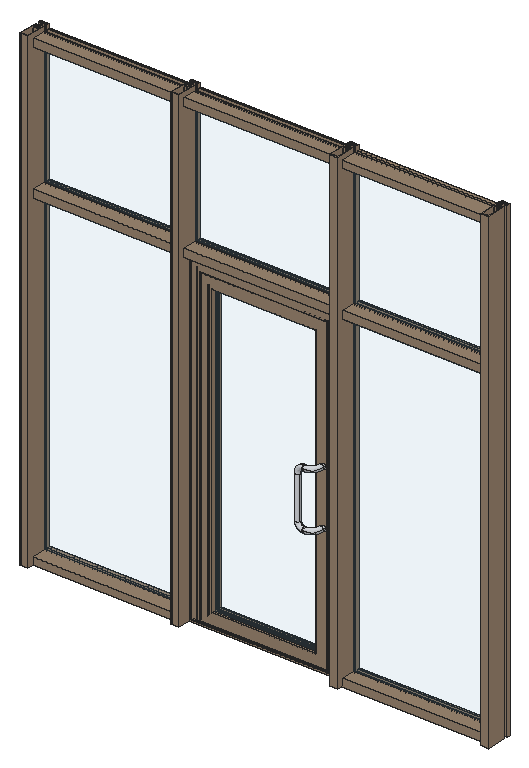
Revit family "3_Витраж с одностворчатой дверью наруж. открывания_F50", category Двери, Revit 2019
Family settings
  Основа = Стена
  Номер OmniClass = 23.30.20.17.11
  Заголовок OmniClass = Fixed Windows
  Всегда вертикально = Да
  При загрузке вырезать с полостями = Нет
  Общий = Нет
  Точка расчета площади = Нет
Parameters (values of type "Стоечно-ригельная F50")
  Ширина прав. = 975.00 mm
  Ширина лев. [instance] = 974.998 mm
  Ширина двери = 1000.00 mm
  Width [instance] = 0.00 mm  # constant formula
  Монтажный зазор.Верх [instance] = 25.00 mm
  Зазор_них_двери = 5.00 mm
  Высота двери = 2100.00 mm
  Высота верхней секции [instance] = 800.00 mm
  VIDNAL_Ширина створки = 1000.00 mm
  VIDNAL_Ширина проема [instance] = 3000.00 mm
  VIDNAL_Цвет конструкции = ""
  VIDNAL_Фурнитура [instance] = ""
  VIDNAL_Формула стеклопакета [instance] = ""
  VIDNAL_Толщина стеклопакета [instance] = "24"  # constant formula
  VIDNAL_Сопротивление ветровой нагрузке = ""
  VIDNAL_Система профилей [instance] = "F50"  # constant formula
  VIDNAL_Площадь изделия [instance] = VIDNAL_Высота проема * VIDNAL_Ширина проема  # 9.00 m²
  VIDNAL_Звукоизоляция [instance] = ""
  VIDNAL_Глубина вставки [instance] = 200.00 mm
  VIDNAL_Высота проема [instance] = 3000.00 mm
  Rough Width = 0.00 mm  # constant formula
  Rough Height = 0.00 mm  # constant formula
  Описание = "Окно"
  Обозначение = "ГОСТ 23747-2015"
  Наименование = ""
  Монтажный зазор.Правый [instance] = 25.00 mm
  Монтажный зазор.Левый [instance] = 25.002 mm
  Марка проема [instance] = ""
  Model = ""
  Стекло = АС_Стекло
  Рама = Алюминий
  Type Comments = ""
  Assembly Code = ""
  Wall Closure = (empty or 0)
  Height [instance] = 0.00 mm  # constant formula
  Аналитическая конструкция = "<Нет>"
  VIDNAL_Возухопроницаемость [instance] = ""
  VIDNAL_Водонепроницаемость [instance] = ""
  VIDNAL_Rприв. профиля со стеклопакетом [instance] = ""
  ADSK_Позиция [instance] = ""
  ADSK_Завод-изготовитель [instance] = "VIDNAL"  # constant formula
Reference planes
  plane 1 "Глубина профиля": y = -152.984
  plane 2 "Отметка 0.000": z = 0
  plane 3 "Слева": x = -1260.6
  plane 4 "Справа": x = 1739.4
  plane 5 "низ рамы": z = 8.998
  plane 6 "ВЕРХ": z = 3000
  plane 7 "Внутренняя": y = -190
  plane 8 "стекло центр": x = -248.6
  plane 9 "стекло центр2": x = 727.4
  plane 10 "рама верх": z = 2089.5
  plane 11: y = 190
  plane 12 "стойка1": x = -1235.598
  plane 13 "стойка2": x = -260.6
  plane 14 "стойка3": x = 739.4
  plane 15 "стойка4": x = 1714.4
  plane 16 "Вставка витража": y = 10
  plane 17 "стекло2": x = -272.6
  plane 18 "верх ригеля": z = 2975
  plane 19 "стекло3": x = -1198.598
  plane 20 "стекло верх": z = 2935.5
  plane 21 "ригель2": z = 2100
  plane 22 "стекло сред": z = 2112
  plane 23 "стекло прав": x = 751.4
  plane 24 "стекло прав2": x = 1676.9
  plane 25 "стекло низ": z = 37.5
  plane 26 "Импост": y = -8
  plane 27 "Вставка рамы_слева": x = -250.1
  plane 28 "Вставка рамы_справа": x = 728.905
Forms (mm)
  Extrusion 1, void, detail levels medium+fine
    sketch origin (0, 38, 0) x (0, 0, 1) y (-1, 0, 0)
      loop
        line (3000, -1739.4) -> (3000, 1260.6) -> (0, 1260.6) -> (0, -1739.4) -> (3000, -1739.4)
    from -152 to 228
  Sweep 2, solid, material "Алюминий" <- "Рама"
    path origin (0, 10, 0) x (0, 0, -1) y (-1, 0, 0)
      loop
        line (0, 1235.598) -> (-3000, 1235.598)
    profile "Стойка_110_F50 : Стойка_110_F50" origin (-1235.598, 10, 1500) x (1, 0, 0) y (0, 1, 0)
      loop
        line (47.802, -65.689) -> (2.202, -65.689) -> (2.202, -159.701) -> (47.802, -159.701) -> (47.802, -65.689)
      loop
        line (27, -22.742) -> (27, -17) -> (23.003, -17) -> (23.003, -22.742) -> (27, -22.742)
      loop
        line (27.002, -33.984) -> (27.002, -24.129) -> (23.002, -24.129) -> (23.002, -33.984) -> (27.002, -33.984)
      loop
        line (27.002, -54.258) -> (27.002, -35.261) -> (23.002, -35.261) -> (23.002, -54.258) -> (27.002, -54.258)
      loop
        line (28.302, -63.458) -> (28.302, -55.984) -> (21.702, -55.984) -> (21.702, -63.458) -> (28.302, -63.458)
      loop
        line (2.15, -12) -> (2.15, -15) -> (11.1, -15) -> (11.1, -12) -> (2.15, -12)
      loop
        line (38.9, -12) -> (38.9, -15) -> (47.85, -15) -> (47.85, -12) -> (38.9, -12)
      loop
        line (36.9, -13) -> (36.9, -10) -> (45.838, -10) -> (45.838, -7) -> (49, -7) -> (49, -1.4) -> (1, -1.4) -> (1, -7) -> (4.181, -7) -> (4.181, -10) -> (13.1, -10) -> (13.1, -13) -> (36.9, -13)
      loop
        line (50, 0) -> (0, 0) -> (0, -17.984) -> (12.999, -17.984) -> (12.999, -16.984) -> (14.683, -16.984) -> (14.683, -15) -> (20, -15) -> (20, -63.484) -> (2.202, -63.484) -> (2.202, -58.984) -> (9.709, -58.984) -> (11.764, -56.825) -> (11.764, -53.006) -> (12.992, -53.006) -> (12.992, -41.959) -> (0.002, -41.959) -> (0.002, -53.006) -> (0.002, -162.984) -> (49.952, -162.984) -> (49.952, -53.065) -> (49.952, -41.967) -> (37.007, -41.967) -> (37.007, -53.065) -> (38.202, -53.065) -> (38.202, -56.832) -> (40.295, -58.984) -> (47.802, -58.984) -> (47.802, -63.458) -> (30, -63.458) -> (30, -15) -> (35.317, -15) -> (35.317, -16.99) -> (37.002, -16.99) -> (37.002, -18) -> (50, -18) -> (50, 0)
  Sweep 3, solid, material "Алюминий" <- "Рама"
    path origin (0, 10, 0) x (0, 0, -1) y (-1, 0, 0)
      loop
        line (0, 260.6) -> (-3000, 260.6)
    profile "Стойка_110_F50 : Стойка_110_F50" origin (-260.6, 10, 1500) x (1, 0, 0) y (0, 1, 0)
      loop
        line (22.802, -65.689) -> (-22.798, -65.689) -> (-22.798, -159.701) -> (22.802, -159.701) -> (22.802, -65.689)
      loop
        line (2, -22.742) -> (2, -17) -> (-1.997, -17) -> (-1.997, -22.742) -> (2, -22.742)
      loop
        line (2.002, -33.984) -> (2.002, -24.129) -> (-1.998, -24.129) -> (-1.998, -33.984) -> (2.002, -33.984)
      loop
        line (2.002, -54.258) -> (2.002, -35.261) -> (-1.998, -35.261) -> (-1.998, -54.258) -> (2.002, -54.258)
      loop
        line (3.302, -63.458) -> (3.302, -55.984) -> (-3.298, -55.984) -> (-3.298, -63.458) -> (3.302, -63.458)
      loop
        line (-22.85, -12) -> (-22.85, -15) -> (-13.9, -15) -> (-13.9, -12) -> (-22.85, -12)
      loop
        line (13.9, -12) -> (13.9, -15) -> (22.85, -15) -> (22.85, -12) -> (13.9, -12)
      loop
        line (11.9, -13) -> (11.9, -10) -> (20.838, -10) -> (20.838, -7) -> (24, -7) -> (24, -1.4) -> (-24, -1.4) -> (-24, -7) -> (-20.819, -7) -> (-20.819, -10) -> (-11.9, -10) -> (-11.9, -13) -> (11.9, -13)
      loop
        line (25, 0) -> (-25, 0) -> (-25, -17.984) -> (-12.001, -17.984) -> (-12.001, -16.984) -> (-10.317, -16.984) -> (-10.317, -15) -> (-5, -15) -> (-5, -63.484) -> (-22.798, -63.484) -> (-22.798, -58.984) -> (-15.291, -58.984) -> (-13.236, -56.825) -> (-13.236, -53.006) -> (-12.008, -53.006) -> (-12.008, -41.959) -> (-24.998, -41.959) -> (-24.998, -53.006) -> (-24.998, -162.984) -> (24.952, -162.984) -> (24.952, -53.065) -> (24.952, -41.967) -> (12.007, -41.967) -> (12.007, -53.065) -> (13.202, -53.065) -> (13.202, -56.832) -> (15.295, -58.984) -> (22.802, -58.984) -> (22.802, -63.458) -> (5, -63.458) -> (5, -15) -> (10.317, -15) -> (10.317, -16.99) -> (12.002, -16.99) -> (12.002, -18) -> (25, -18) -> (25, 0)
  Sweep 4, solid, material "Алюминий" <- "Рама"
    path origin (0, 10, 0) x (0, 0, -1) y (-1, 0, 0)
      loop
        line (-2975, 1185.646) -> (-2975, 285.598)
    profile "Ригель_86_F50 : Ригель_86_F50" origin (-735.622, 10, 2975) x (0, 0, -1) y (0, 1, 0)
      loop
        line (10.999, -40.802) -> (1.81, -40.802) -> (1.81, -48) -> (10.999, -48) -> (10.999, -40.802)
      loop
        line (48.199, -40.802) -> (39.01, -40.802) -> (39.01, -48) -> (48.199, -48) -> (48.199, -40.802)
      loop
        line (48.199, -128.4) -> (48.199, -49.673) -> (1.788, -49.673) -> (1.788, -128.4) -> (48.199, -128.4)
      loop
        line (28.5, -21.077) -> (28.5, -14) -> (21.5, -14) -> (21.5, -21.077) -> (28.5, -21.077)
      loop
        line (28.5, -31.01) -> (28.5, -22.563) -> (21.5, -22.563) -> (21.5, -31.01) -> (28.5, -31.01)
      loop
        line (27, -48) -> (27, -33.139) -> (23.02, -33.139) -> (23.02, -48) -> (27, -48)
      loop
        line (2.15, -9) -> (2.15, -12) -> (11.1, -12) -> (11.1, -9) -> (2.15, -9)
      loop
        line (38.9, -9) -> (38.9, -12) -> (47.85, -12) -> (47.85, -9) -> (38.9, -9)
      loop
        line (36.9, -10) -> (36.9, -7) -> (45.819, -7) -> (45.838, -4) -> (49, -4) -> (49, -1.4) -> (1, -1.4) -> (1, -4) -> (4.181, -4) -> (4.181, -7) -> (13.1, -7) -> (13.1, -10) -> (36.9, -10)
      loop
        line (20, -12) -> (20, -48) -> (12.8, -48) -> (12.8, -39) -> (0.024, -39) -> (0.024, -130) -> (50, -130) -> (50, -39) -> (37.2, -39) -> (37.2, -48) -> (29.9, -48) -> (29.9, -12) -> (35.317, -12) -> (35.317, -13.99) -> (37.002, -13.99) -> (37.002, -15) -> (50, -15) -> (50, 0) -> (0, 0) -> (0, -14.984) -> (12.999, -14.984) -> (12.999, -13.984) -> (14.683, -13.984) -> (14.683, -12) -> (20, -12)
  Sweep 5, solid, material "Алюминий" <- "Рама"
    path origin (0.048, 10, 0) x (0, 0, -1) y (-1, 0, 0)
      loop
        line (0, -1714.4) -> (-3000, -1714.4)
    profile "Стойка_110_F50 : Стойка_110_F50" origin (1714.448, 10, 1500) x (1, 0, 0) y (0, 1, 0)
      loop
        line (-2.198, -65.689) -> (-47.798, -65.689) -> (-47.798, -159.701) -> (-2.198, -159.701) -> (-2.198, -65.689)
      loop
        line (-23, -22.742) -> (-23, -17) -> (-26.997, -17) -> (-26.997, -22.742) -> (-23, -22.742)
      loop
        line (-22.998, -33.984) -> (-22.998, -24.129) -> (-26.998, -24.129) -> (-26.998, -33.984) -> (-22.998, -33.984)
      loop
        line (-22.998, -54.258) -> (-22.998, -35.261) -> (-26.998, -35.261) -> (-26.998, -54.258) -> (-22.998, -54.258)
      loop
        line (-21.698, -63.458) -> (-21.698, -55.984) -> (-28.298, -55.984) -> (-28.298, -63.458) -> (-21.698, -63.458)
      loop
        line (-47.85, -12) -> (-47.85, -15) -> (-38.9, -15) -> (-38.9, -12) -> (-47.85, -12)
      loop
        line (-11.1, -12) -> (-11.1, -15) -> (-2.15, -15) -> (-2.15, -12) -> (-11.1, -12)
      loop
        line (-13.1, -13) -> (-13.1, -10) -> (-4.162, -10) -> (-4.162, -7) -> (-1, -7) -> (-1, -1.4) -> (-49, -1.4) -> (-49, -7) -> (-45.819, -7) -> (-45.819, -10) -> (-36.9, -10) -> (-36.9, -13) -> (-13.1, -13)
      loop
        line (0, 0) -> (-50, 0) -> (-50, -17.984) -> (-37.001, -17.984) -> (-37.001, -16.984) -> (-35.317, -16.984) -> (-35.317, -15) -> (-30, -15) -> (-30, -63.484) -> (-47.798, -63.484) -> (-47.798, -58.984) -> (-40.291, -58.984) -> (-38.236, -56.825) -> (-38.236, -53.006) -> (-37.008, -53.006) -> (-37.008, -41.959) -> (-49.998, -41.959) -> (-49.998, -53.006) -> (-49.998, -162.984) -> (-0.048, -162.984) -> (-0.048, -53.065) -> (-0.048, -41.967) -> (-12.993, -41.967) -> (-12.993, -53.065) -> (-11.798, -53.065) -> (-11.798, -56.832) -> (-9.705, -58.984) -> (-2.198, -58.984) -> (-2.198, -63.458) -> (-20, -63.458) -> (-20, -15) -> (-14.683, -15) -> (-14.683, -16.99) -> (-12.998, -16.99) -> (-12.998, -18) -> (0, -18) -> (0, 0)
  Extrusion 6, solid, material "АС_Стекло"
    sketch origin (0, -8, 0) x (0, 0, 1) y (-1, 0, 0)
      loop
        line (2089.5, 1198.598) -> (35.317, 1198.598) -> (35.317, 272.6) -> (2089.5, 272.6) -> (2089.5, 1198.598)
    from 0 to 24
  Sweep 7, solid, material "Алюминий" <- "Рама"
    path origin (0, 10, 0) x (0, 0, -1) y (-1, 0, 0)
      loop
        line (0, -739.4) -> (-3000, -739.4)
    profile "Стойка_110_F50 : Стойка_110_F50" origin (739.4, 10, 1500) x (1, 0, 0) y (0, 1, 0)
      loop
        line (22.802, -65.689) -> (-22.798, -65.689) -> (-22.798, -159.701) -> (22.802, -159.701) -> (22.802, -65.689)
      loop
        line (2, -22.742) -> (2, -17) -> (-1.997, -17) -> (-1.997, -22.742) -> (2, -22.742)
      loop
        line (2.002, -33.984) -> (2.002, -24.129) -> (-1.998, -24.129) -> (-1.998, -33.984) -> (2.002, -33.984)
      loop
        line (2.002, -54.258) -> (2.002, -35.261) -> (-1.998, -35.261) -> (-1.998, -54.258) -> (2.002, -54.258)
      loop
        line (3.302, -63.458) -> (3.302, -55.984) -> (-3.298, -55.984) -> (-3.298, -63.458) -> (3.302, -63.458)
      loop
        line (-22.85, -12) -> (-22.85, -15) -> (-13.9, -15) -> (-13.9, -12) -> (-22.85, -12)
      loop
        line (13.9, -12) -> (13.9, -15) -> (22.85, -15) -> (22.85, -12) -> (13.9, -12)
      loop
        line (11.9, -13) -> (11.9, -10) -> (20.838, -10) -> (20.838, -7) -> (24, -7) -> (24, -1.4) -> (-24, -1.4) -> (-24, -7) -> (-20.819, -7) -> (-20.819, -10) -> (-11.9, -10) -> (-11.9, -13) -> (11.9, -13)
      loop
        line (25, 0) -> (-25, 0) -> (-25, -17.984) -> (-12.001, -17.984) -> (-12.001, -16.984) -> (-10.317, -16.984) -> (-10.317, -15) -> (-5, -15) -> (-5, -63.484) -> (-22.798, -63.484) -> (-22.798, -58.984) -> (-15.291, -58.984) -> (-13.236, -56.825) -> (-13.236, -53.006) -> (-12.008, -53.006) -> (-12.008, -41.959) -> (-24.998, -41.959) -> (-24.998, -53.006) -> (-24.998, -162.984) -> (24.952, -162.984) -> (24.952, -53.065) -> (24.952, -41.967) -> (12.007, -41.967) -> (12.007, -53.065) -> (13.202, -53.065) -> (13.202, -56.832) -> (15.295, -58.984) -> (22.802, -58.984) -> (22.802, -63.458) -> (5, -63.458) -> (5, -15) -> (10.317, -15) -> (10.317, -16.99) -> (12.002, -16.99) -> (12.002, -18) -> (25, -18) -> (25, 0)
  Sweep 8, solid, material "Алюминий" <- "Рама"
    path origin (0, 10, 0) x (0, 0, -1) y (-1, 0, 0)
      loop
        line (-2975, 235.648) -> (-2975, -714.402)
    profile "Ригель_86_F50 : Ригель_86_F50" origin (239.377, 10, 2975) x (0, 0, -1) y (0, 1, 0)
      loop
        line (10.999, -40.802) -> (1.81, -40.802) -> (1.81, -48) -> (10.999, -48) -> (10.999, -40.802)
      loop
        line (48.199, -40.802) -> (39.01, -40.802) -> (39.01, -48) -> (48.199, -48) -> (48.199, -40.802)
      loop
        line (48.199, -128.4) -> (48.199, -49.673) -> (1.788, -49.673) -> (1.788, -128.4) -> (48.199, -128.4)
      loop
        line (28.5, -21.077) -> (28.5, -14) -> (21.5, -14) -> (21.5, -21.077) -> (28.5, -21.077)
      loop
        line (28.5, -31.01) -> (28.5, -22.563) -> (21.5, -22.563) -> (21.5, -31.01) -> (28.5, -31.01)
      loop
        line (27, -48) -> (27, -33.139) -> (23.02, -33.139) -> (23.02, -48) -> (27, -48)
      loop
        line (2.15, -9) -> (2.15, -12) -> (11.1, -12) -> (11.1, -9) -> (2.15, -9)
      loop
        line (38.9, -9) -> (38.9, -12) -> (47.85, -12) -> (47.85, -9) -> (38.9, -9)
      loop
        line (36.9, -10) -> (36.9, -7) -> (45.819, -7) -> (45.838, -4) -> (49, -4) -> (49, -1.4) -> (1, -1.4) -> (1, -4) -> (4.181, -4) -> (4.181, -7) -> (13.1, -7) -> (13.1, -10) -> (36.9, -10)
      loop
        line (20, -12) -> (20, -48) -> (12.8, -48) -> (12.8, -39) -> (0.024, -39) -> (0.024, -130) -> (50, -130) -> (50, -39) -> (37.2, -39) -> (37.2, -48) -> (29.9, -48) -> (29.9, -12) -> (35.317, -12) -> (35.317, -13.99) -> (37.002, -13.99) -> (37.002, -15) -> (50, -15) -> (50, 0) -> (0, 0) -> (0, -14.984) -> (12.999, -14.984) -> (12.999, -13.984) -> (14.683, -13.984) -> (14.683, -12) -> (20, -12)
  Sweep 9, solid, material "Алюминий" <- "Рама"
    path origin (0, 10, 0) x (0, 0, -1) y (-1, 0, 0)
      loop
        line (-2975, -764.352) -> (-2975, -1664.45)
    profile "Ригель_86_F50 : Ригель_86_F50" origin (1214.401, 10, 2975) x (0, 0, -1) y (0, 1, 0)
      loop
        line (10.999, -40.802) -> (1.81, -40.802) -> (1.81, -48) -> (10.999, -48) -> (10.999, -40.802)
      loop
        line (48.199, -40.802) -> (39.01, -40.802) -> (39.01, -48) -> (48.199, -48) -> (48.199, -40.802)
      loop
        line (48.199, -128.4) -> (48.199, -49.673) -> (1.788, -49.673) -> (1.788, -128.4) -> (48.199, -128.4)
      loop
        line (28.5, -21.077) -> (28.5, -14) -> (21.5, -14) -> (21.5, -21.077) -> (28.5, -21.077)
      loop
        line (28.5, -31.01) -> (28.5, -22.563) -> (21.5, -22.563) -> (21.5, -31.01) -> (28.5, -31.01)
      loop
        line (27, -48) -> (27, -33.139) -> (23.02, -33.139) -> (23.02, -48) -> (27, -48)
      loop
        line (2.15, -9) -> (2.15, -12) -> (11.1, -12) -> (11.1, -9) -> (2.15, -9)
      loop
        line (38.9, -9) -> (38.9, -12) -> (47.85, -12) -> (47.85, -9) -> (38.9, -9)
      loop
        line (36.9, -10) -> (36.9, -7) -> (45.819, -7) -> (45.838, -4) -> (49, -4) -> (49, -1.4) -> (1, -1.4) -> (1, -4) -> (4.181, -4) -> (4.181, -7) -> (13.1, -7) -> (13.1, -10) -> (36.9, -10)
      loop
        line (20, -12) -> (20, -48) -> (12.8, -48) -> (12.8, -39) -> (0.024, -39) -> (0.024, -130) -> (50, -130) -> (50, -39) -> (37.2, -39) -> (37.2, -48) -> (29.9, -48) -> (29.9, -12) -> (35.317, -12) -> (35.317, -13.99) -> (37.002, -13.99) -> (37.002, -15) -> (50, -15) -> (50, 0) -> (0, 0) -> (0, -14.984) -> (12.999, -14.984) -> (12.999, -13.984) -> (14.683, -13.984) -> (14.683, -12) -> (20, -12)
  Sweep 10, solid, material "Алюминий" <- "Рама"
    path origin (0, 10, 0) x (0, 0, -1) y (-1, 0, 0)
      loop
        line (-2100, 1185.646) -> (-2100, 285.598)
    profile "Ригель_86_F50 : Ригель_86_F50" origin (-735.622, 10, 2100) x (0, 0, -1) y (0, 1, 0)
      loop
        line (-14.001, -40.802) -> (-23.19, -40.802) -> (-23.19, -48) -> (-14.001, -48) -> (-14.001, -40.802)
      loop
        line (23.199, -40.802) -> (14.01, -40.802) -> (14.01, -48) -> (23.199, -48) -> (23.199, -40.802)
      loop
        line (23.199, -128.4) -> (23.199, -49.673) -> (-23.212, -49.673) -> (-23.212, -128.4) -> (23.199, -128.4)
      loop
        line (3.5, -21.077) -> (3.5, -14) -> (-3.5, -14) -> (-3.5, -21.077) -> (3.5, -21.077)
      loop
        line (3.5, -31.01) -> (3.5, -22.563) -> (-3.5, -22.563) -> (-3.5, -31.01) -> (3.5, -31.01)
      loop
        line (2, -48) -> (2, -33.139) -> (-1.98, -33.139) -> (-1.98, -48) -> (2, -48)
      loop
        line (-22.85, -9) -> (-22.85, -12) -> (-13.9, -12) -> (-13.9, -9) -> (-22.85, -9)
      loop
        line (13.9, -9) -> (13.9, -12) -> (22.85, -12) -> (22.85, -9) -> (13.9, -9)
      loop
        line (11.9, -10) -> (11.9, -7) -> (20.819, -7) -> (20.838, -4) -> (24, -4) -> (24, -1.4) -> (-24, -1.4) -> (-24, -4) -> (-20.819, -4) -> (-20.819, -7) -> (-11.9, -7) -> (-11.9, -10) -> (11.9, -10)
      loop
        line (-5, -12) -> (-5, -48) -> (-12.2, -48) -> (-12.2, -39) -> (-24.976, -39) -> (-24.976, -130) -> (25, -130) -> (25, -39) -> (12.2, -39) -> (12.2, -48) -> (4.9, -48) -> (4.9, -12) -> (10.317, -12) -> (10.317, -13.99) -> (12.002, -13.99) -> (12.002, -15) -> (25, -15) -> (25, 0) -> (-25, 0) -> (-25, -14.984) -> (-12.001, -14.984) -> (-12.001, -13.984) -> (-10.317, -13.984) -> (-10.317, -12) -> (-5, -12)
  Sweep 11, solid, material "Алюминий" <- "Рама"
    path origin (0, 10, 0) x (0, 0, -1) y (-1, 0, 0)
      loop
        line (-2100, 235.648) -> (-2100, -714.402)
    profile "Ригель_86_F50 : Ригель_86_F50" origin (239.377, 10, 2100) x (0, 0, -1) y (0, 1, 0)
      loop
        line (-14.001, -40.802) -> (-23.19, -40.802) -> (-23.19, -48) -> (-14.001, -48) -> (-14.001, -40.802)
      loop
        line (23.199, -40.802) -> (14.01, -40.802) -> (14.01, -48) -> (23.199, -48) -> (23.199, -40.802)
      loop
        line (23.199, -128.4) -> (23.199, -49.673) -> (-23.212, -49.673) -> (-23.212, -128.4) -> (23.199, -128.4)
      loop
        line (3.5, -21.077) -> (3.5, -14) -> (-3.5, -14) -> (-3.5, -21.077) -> (3.5, -21.077)
      loop
        line (3.5, -31.01) -> (3.5, -22.563) -> (-3.5, -22.563) -> (-3.5, -31.01) -> (3.5, -31.01)
      loop
        line (2, -48) -> (2, -33.139) -> (-1.98, -33.139) -> (-1.98, -48) -> (2, -48)
      loop
        line (-22.85, -9) -> (-22.85, -12) -> (-13.9, -12) -> (-13.9, -9) -> (-22.85, -9)
      loop
        line (13.9, -9) -> (13.9, -12) -> (22.85, -12) -> (22.85, -9) -> (13.9, -9)
      loop
        line (11.9, -10) -> (11.9, -7) -> (20.819, -7) -> (20.838, -4) -> (24, -4) -> (24, -1.4) -> (-24, -1.4) -> (-24, -4) -> (-20.819, -4) -> (-20.819, -7) -> (-11.9, -7) -> (-11.9, -10) -> (11.9, -10)
      loop
        line (-5, -12) -> (-5, -48) -> (-12.2, -48) -> (-12.2, -39) -> (-24.976, -39) -> (-24.976, -130) -> (25, -130) -> (25, -39) -> (12.2, -39) -> (12.2, -48) -> (4.9, -48) -> (4.9, -12) -> (10.317, -12) -> (10.317, -13.99) -> (12.002, -13.99) -> (12.002, -15) -> (25, -15) -> (25, 0) -> (-25, 0) -> (-25, -14.984) -> (-12.001, -14.984) -> (-12.001, -13.984) -> (-10.317, -13.984) -> (-10.317, -12) -> (-5, -12)
  Sweep 12, solid, material "Алюминий" <- "Рама"
    path origin (0, 10, 0) x (0, 0, -1) y (-1, 0, 0)
      loop
        line (-2100, -764.352) -> (-2100, -1664.45)
    profile "Ригель_86_F50 : Ригель_86_F50" origin (1214.401, 10, 2100) x (0, 0, -1) y (0, 1, 0)
      loop
        line (-14.001, -40.802) -> (-23.19, -40.802) -> (-23.19, -48) -> (-14.001, -48) -> (-14.001, -40.802)
      loop
        line (23.199, -40.802) -> (14.01, -40.802) -> (14.01, -48) -> (23.199, -48) -> (23.199, -40.802)
      loop
        line (23.199, -128.4) -> (23.199, -49.673) -> (-23.212, -49.673) -> (-23.212, -128.4) -> (23.199, -128.4)
      loop
        line (3.5, -21.077) -> (3.5, -14) -> (-3.5, -14) -> (-3.5, -21.077) -> (3.5, -21.077)
      loop
        line (3.5, -31.01) -> (3.5, -22.563) -> (-3.5, -22.563) -> (-3.5, -31.01) -> (3.5, -31.01)
      loop
        line (2, -48) -> (2, -33.139) -> (-1.98, -33.139) -> (-1.98, -48) -> (2, -48)
      loop
        line (-22.85, -9) -> (-22.85, -12) -> (-13.9, -12) -> (-13.9, -9) -> (-22.85, -9)
      loop
        line (13.9, -9) -> (13.9, -12) -> (22.85, -12) -> (22.85, -9) -> (13.9, -9)
      loop
        line (11.9, -10) -> (11.9, -7) -> (20.819, -7) -> (20.838, -4) -> (24, -4) -> (24, -1.4) -> (-24, -1.4) -> (-24, -4) -> (-20.819, -4) -> (-20.819, -7) -> (-11.9, -7) -> (-11.9, -10) -> (11.9, -10)
      loop
        line (-5, -12) -> (-5, -48) -> (-12.2, -48) -> (-12.2, -39) -> (-24.976, -39) -> (-24.976, -130) -> (25, -130) -> (25, -39) -> (12.2, -39) -> (12.2, -48) -> (4.9, -48) -> (4.9, -12) -> (10.317, -12) -> (10.317, -13.99) -> (12.002, -13.99) -> (12.002, -15) -> (25, -15) -> (25, 0) -> (-25, 0) -> (-25, -14.984) -> (-12.001, -14.984) -> (-12.001, -13.984) -> (-10.317, -13.984) -> (-10.317, -12) -> (-5, -12)
  Extrusion 13, solid, material "АС_Стекло"
    sketch origin (80.2, -5, 1700) x (0, 0, -1) y (-1, 0, 0)
      loop
        line (-1235.5, 1278.798) -> (-1235.5, 352.8) -> (-412, 352.8) -> (-412, 1278.798) -> (-1235.5, 1278.798)
    from 0 to -24
  Extrusion 14, solid, material "АС_Стекло"
    sketch origin (860.2, -5, 1700) x (0, 0, -1) y (-1, 0, 0)
      loop
        line (-1235.5, 1108.8) -> (-1235.5, 132.8) -> (-412, 132.8) -> (-412, 1108.8) -> (-1235.5, 1108.8)
    from 0 to -24
  Extrusion 15, solid, material "АС_Стекло"
    sketch origin (2640.2, -5, 1700) x (0, 0, -1) y (-1, 0, 0)
      loop
        line (-1235.5, 1888.8) -> (-1235.5, 963.3) -> (-412, 963.3) -> (-412, 1888.8) -> (-1235.5, 1888.8)
    from 0 to -24
  Sweep 16, solid, material "Алюминий"
    path origin (0, 10, 0) x (0, 0, -1) y (-1, 0, 0)
      loop
        line (-50, 1185.646) -> (-50, 285.598)
    profile "Ригель_86_F50 : Ригель_86_F50" origin (-735.622, 10, 50) x (0, 0, -1) y (0, 1, 0)
      loop
        line (10.999, -40.802) -> (1.81, -40.802) -> (1.81, -48) -> (10.999, -48) -> (10.999, -40.802)
      loop
        line (48.199, -40.802) -> (39.01, -40.802) -> (39.01, -48) -> (48.199, -48) -> (48.199, -40.802)
      loop
        line (48.199, -128.4) -> (48.199, -49.673) -> (1.788, -49.673) -> (1.788, -128.4) -> (48.199, -128.4)
      loop
        line (28.5, -21.077) -> (28.5, -14) -> (21.5, -14) -> (21.5, -21.077) -> (28.5, -21.077)
      loop
        line (28.5, -31.01) -> (28.5, -22.563) -> (21.5, -22.563) -> (21.5, -31.01) -> (28.5, -31.01)
      loop
        line (27, -48) -> (27, -33.139) -> (23.02, -33.139) -> (23.02, -48) -> (27, -48)
      loop
        line (2.15, -9) -> (2.15, -12) -> (11.1, -12) -> (11.1, -9) -> (2.15, -9)
      loop
        line (38.9, -9) -> (38.9, -12) -> (47.85, -12) -> (47.85, -9) -> (38.9, -9)
      loop
        line (36.9, -10) -> (36.9, -7) -> (45.819, -7) -> (45.838, -4) -> (49, -4) -> (49, -1.4) -> (1, -1.4) -> (1, -4) -> (4.181, -4) -> (4.181, -7) -> (13.1, -7) -> (13.1, -10) -> (36.9, -10)
      loop
        line (20, -12) -> (20, -48) -> (12.8, -48) -> (12.8, -39) -> (0.024, -39) -> (0.024, -130) -> (50, -130) -> (50, -39) -> (37.2, -39) -> (37.2, -48) -> (29.9, -48) -> (29.9, -12) -> (35.317, -12) -> (35.317, -13.99) -> (37.002, -13.99) -> (37.002, -15) -> (50, -15) -> (50, 0) -> (0, 0) -> (0, -14.984) -> (12.999, -14.984) -> (12.999, -13.984) -> (14.683, -13.984) -> (14.683, -12) -> (20, -12)
  Sweep 17, solid, material "Алюминий"
    path origin (0, 10, 0) x (0, 0, -1) y (-1, 0, 0)
      loop
        line (-50, -764.352) -> (-50, -1664.4)
    profile "Ригель_86_F50 : Ригель_86_F50" origin (1214.376, 10, 50) x (0, 0, -1) y (0, 1, 0)
      loop
        line (10.999, -40.802) -> (1.81, -40.802) -> (1.81, -48) -> (10.999, -48) -> (10.999, -40.802)
      loop
        line (48.199, -40.802) -> (39.01, -40.802) -> (39.01, -48) -> (48.199, -48) -> (48.199, -40.802)
      loop
        line (48.199, -128.4) -> (48.199, -49.673) -> (1.788, -49.673) -> (1.788, -128.4) -> (48.199, -128.4)
      loop
        line (28.5, -21.077) -> (28.5, -14) -> (21.5, -14) -> (21.5, -21.077) -> (28.5, -21.077)
      loop
        line (28.5, -31.01) -> (28.5, -22.563) -> (21.5, -22.563) -> (21.5, -31.01) -> (28.5, -31.01)
      loop
        line (27, -48) -> (27, -33.139) -> (23.02, -33.139) -> (23.02, -48) -> (27, -48)
      loop
        line (2.15, -9) -> (2.15, -12) -> (11.1, -12) -> (11.1, -9) -> (2.15, -9)
      loop
        line (38.9, -9) -> (38.9, -12) -> (47.85, -12) -> (47.85, -9) -> (38.9, -9)
      loop
        line (36.9, -10) -> (36.9, -7) -> (45.819, -7) -> (45.838, -4) -> (49, -4) -> (49, -1.4) -> (1, -1.4) -> (1, -4) -> (4.181, -4) -> (4.181, -7) -> (13.1, -7) -> (13.1, -10) -> (36.9, -10)
      loop
        line (20, -12) -> (20, -48) -> (12.8, -48) -> (12.8, -39) -> (0.024, -39) -> (0.024, -130) -> (50, -130) -> (50, -39) -> (37.2, -39) -> (37.2, -48) -> (29.9, -48) -> (29.9, -12) -> (35.317, -12) -> (35.317, -13.99) -> (37.002, -13.99) -> (37.002, -15) -> (50, -15) -> (50, 0) -> (0, 0) -> (0, -14.984) -> (12.999, -14.984) -> (12.999, -13.984) -> (14.683, -13.984) -> (14.683, -12) -> (20, -12)
  Sweep 18, solid, material "Алюминий"
    path origin (0, 10, -5) x (0, 0, -1) y (-1, 0, 0)
      loop
        line (-30, 235.6) -> (-30, -714.4)
    profile "Профиль_Порог_174-174 : Профиль_Порог_174-174" origin (239.4, 10, 25) x (0, 0, -1) y (0, 1, 0)
      loop
        line (12.862, -49.036) -> (12.862, -62.556) -> (18.007, -66.301) -> (23.151, -62.558) -> (23.151, -49.039) -> (18.007, -45.296) -> (12.862, -49.036)
      loop
        line (9, -22.208) -> (9, -23.354) -> (14.528, -23.354) -> (14.528, -25.207) -> (11, -25.207) -> (11, -71.901) -> (1.7, -71.901) -> (1.7, -79.827) -> (11.062, -79.827) -> (11.062, -85.3) -> (25, -85.3) -> (25, -83.677) -> (23.999, -83.677) -> (23.999, -70.6) -> (25, -70.6) -> (25, -40.997) -> (23.999, -40.997) -> (23.999, -27.92) -> (25, -27.92) -> (25, -26.297) -> (15.999, -26.297) -> (15.999, -22.208) -> (9, -22.208)
      loop
        line (17.32, -74.274) -> (16.133, -75.461)
        arc (16.133, -75.461) -> (14.582, -73.254) -> (15.06, -70.6) r 3.5
        line (15.06, -70.6) -> (13.2, -70.6) -> (13.2, -83.502) -> (22.5, -83.502) -> (22.5, -70.6) -> (20.939, -70.6)
        arc (20.939, -70.6) -> (21.418, -73.254) -> (19.866, -75.461) r 3.5
        line (19.866, -75.461) -> (18.68, -74.274)
        arc (18.68, -74.274) -> (18, -70.6) -> (17.32, -74.274) r 1.9
      loop
        arc (17.32, -37.323) -> (18, -40.997) -> (18.68, -37.323) r 1.9
        line (18.68, -37.323) -> (19.866, -36.136)
        arc (19.866, -36.136) -> (21.418, -38.342) -> (20.939, -40.997) r 3.5
        line (20.939, -40.997) -> (22.5, -40.997) -> (22.5, -28.095) -> (13.2, -28.095) -> (13.2, -40.997) -> (15.06, -40.997)
        arc (15.06, -40.997) -> (14.582, -38.342) -> (16.133, -36.136) r 3.5
        line (16.133, -36.136) -> (17.32, -37.323)
  Extrusion 19, solid
    sketch origin (0, -8, 0) x (0, 0, 1) y (-1, 0, 0)
      loop
        line (2089.5, -751.4) -> (37.001, -751.4) -> (37.001, -1676.9) -> (2089.5, -1676.9) -> (2089.5, -751.4)
    from 0 to 24
  Sweep 20, solid
    path origin (-7.533, -8, -0.751) x (0, 0, 1) y (-1, 0, 0)
      loop
        line (17.714, 234.6) -> (2082.284, 234.6) -> (2082.284, -728.47) -> (17.714, -728.47)
    profile "Профиль_Створка_дверь_внутр_(ригель)_161-241 : Створка_дверь_внутр_161-241" origin (239.402, -8, 2081.533) x (0, 0, 1) y (0, -1, 0)
      loop
        line (-64.152, 16.171) -> (-56.612, 10) -> (-23.363, 10) -> (-15.85, 16.442) -> (-15.85, 29.758) -> (-23.363, 36) -> (-56.612, 36) -> (-64.152, 29.761) -> (-64.152, 16.171)
      loop
        line (-20.75, 1.8) -> (-20.75, 8.2) -> (-59.25, 8.2) -> (-59.25, 1.8) -> (-20.75, 1.8)
      loop
        line (-64.25, 37.8) -> (-15.75, 37.8) -> (-15.75, 53.168) -> (-20.75, 53.168) -> (-20.75, 70.2) -> (-59.25, 70.2) -> (-59.25, 62.1) -> (-64.25, 62.1) -> (-64.25, 37.8)
      loop
        line (-14, 72) -> (-61, 72) -> (-83, 72) -> (-83, 67.8) -> (-79.5, 67.8) -> (-79.5, 70.5) -> (-78, 70.5) -> (-78, 67.8) -> (-76, 67.8) -> (-76, 70.5) -> (-61, 70.5) -> (-61, 63.75) -> (-66, 63.75) -> (-66, 10) -> (-71, 10) -> (-71, 8.3) -> (-61, 8.3) -> (-61, 0) -> (7.967, 0) -> (7.967, 8) -> (1.631, 8) -> (1.631, 4.2) -> (-0.5, 4.2) -> (-0.5, 3.2) -> (1, 3.2) -> (1, 1.5) -> (-19, 1.5) -> (-19, 8.3) -> (-14, 8.3) -> (-14, 58.3) -> (-15.75, 58.3) -> (-15.75, 54.8) -> (-19, 54.8) -> (-19, 70.2) -> (-15.75, 70.2) -> (-15.75, 66.8) -> (-14, 66.8) -> (-14, 72)
Lines and regions (mm)
  symbolic lines, detail levels fine
    curve 1: line (-163.1, -5, 8.998) -> (-163.1, -152.984, 8.998)
    curve 4: line (-163.1, -5, 3000) -> (-163.1, -152.984, 3000)
  symbolic lines
    curve 2: line (-163.1, -5, 1158.833) -> (-163.1, -5, 8.998)
    curve 3: line (-163.1, -152.984, 8.998) -> (-163.1, -152.984, 1158.833)
    curve 5: line (-163.1, -5, 2089.5) -> (-163.1, -5, 3000)
    curve 6: line (-163.1, -152.984, 3000) -> (-163.1, -152.984, 2089.5)
  symbolic lines, detail levels coarse
    curve 7: line (1739.4, -5, 3000) -> (1739.4, -5, 0)
    curve 8: line (1739.4, -152.984, 3000) -> (1739.4, -152.984, 0)
  reference lines
    curve 9: line (714.402, -5, 2076.545) -> (714.402, -5, 1131.545)
    curve 10: line (-242.265, -5, 1131.545) -> (-242.265, -5, 2076.545)
    curve 11: line (-242.265, -5, 2076.545) -> (714.402, -5, 2076.545)
Text (mm)
  text "Наружный" at (-2011.448, 646.123, 0), in view "Линия этажа"
  text "Внутренний" at (-2011.448, -562.523, 0), in view "Линия этажа"
  text "Наружный" at (0, 1108.87, 3415.022), in view "Слева"
  text "Наружный" at (0, 464.664, 3176.206), in view "Справа"
Dimensions and locks
  plane 3 "Слева" to plane 4 "Справа" = 3000.00 mm
  plane 9 "стекло центр2" to plane 4 "Справа" = 1012.00 mm
  plane 5 "низ рамы" to plane 5 "низ рамы" = 0.00 mm
  "VIDNAL_Глубина вставки": plane 16 "Вставка витража" to plane 7 "Внутренняя"
  "Монтажный зазор.Левый": plane 3 "Слева" to plane 12 "стойка1"
  locked: plane 13 "стойка2" to plane 8 "стекло центр" at 12
  "Монтажный зазор.Верх": plane 6 "ВЕРХ" to plane 18 "верх ригеля"
  "VIDNAL_Высота проема": plane 6 "ВЕРХ" to plane 2 "Отметка 0.000"
  "VIDNAL_Ширина проема": plane 3 "Слева" to plane 4 "Справа"
  locked: plane 9 "стекло центр2" to plane 14 "стойка3" at 12
  "Монтажный зазор.Правый": plane 15 "стойка4" to plane 4 "Справа"
  locked: plane 22 "стекло сред" to plane 21 "ригель2" at 12
  plane 13 "стойка2" to plane 17 "стекло2" = 12.00 mm  (x2)
  plane 23 "стекло прав" to plane 14 "стойка3" = 12.00 mm  (x2)
  locked: plane 23 "стекло прав" to plane 14 "стойка3" at 12
  locked: plane 13 "стойка2" to plane 17 "стекло2" at 12
  locked: plane 24 "стекло прав2" to plane 15 "стойка4" at 37.5
  locked: plane 12 "стойка1" to plane 19 "стекло3" at 37
  locked: plane 18 "верх ригеля" to plane 20 "стекло верх" at 39.5
  locked: plane 16 "Вставка витража" to plane 26 "Импост" at 18
  plane 18 "верх ригеля" to plane 21 "ригель2" = 875.00 mm
  "Ширина прав.": plane 15 "стойка4" to plane 14 "стойка3"
  "Ширина двери": plane 14 "стойка3" to plane 13 "стойка2"
  "Ширина лев.": plane 13 "стойка2" to plane 12 "стойка1"
  plane 15 "стойка4" to plane 12 "стойка1" = 2949.998 mm
  plane 18 "верх ригеля" to plane 2 "Отметка 0.000" = 2975.00 mm
  plane 21 "ригель2" to plane 10 "рама верх" = 10.50 mm  (x2)
  plane 22 "стекло сред" to plane 21 "ригель2" = 12.00 mm
  locked: plane 27 "Вставка рамы_слева" to plane 13 "стойка2" at 10.5
  plane 14 "стойка3" to plane 28 "Вставка рамы_справа" = 10.495 mm  (x2)
  plane 27 "Вставка рамы_слева" to plane 13 "стойка2" = 10.50 mm
  "Высота двери": plane 21 "ригель2" to plane 2 "Отметка 0.000"
  locked: level to plane 5 "низ рамы" at 8.997
  aligned and locked: plane 7 "Внутренняя" to host wall
  aligned and locked: level to plane 2 "Отметка 0.000"
  aligned and locked: host wall to Extrusion 1  (x2)
  aligned and locked: plane 4 "Справа" to Extrusion 1 sketch curve
  aligned and locked: plane 12 "стойка1" to Sweep 2 sketch curve
  aligned and locked: plane 13 "стойка2" to Sweep 3 sketch curve
  aligned and locked: plane 6 "ВЕРХ" to Sweep 2 sketch curve
  aligned and locked: plane 6 "ВЕРХ" to Sweep 3 sketch curve
  aligned and locked: Extrusion 6 sketch curve to plane 19 "стекло3"
  aligned and locked: plane 17 "стекло2" to Extrusion 6 sketch curve
  aligned and locked: Extrusion 13 sketch curve to plane 20 "стекло верх"
  aligned and locked: Extrusion 13 sketch curve to plane 17 "стекло2"
  aligned and locked: plane 22 "стекло сред" to Extrusion 13 sketch curve
  aligned and locked: plane 19 "стекло3" to Extrusion 13 sketch curve
  aligned and locked: Extrusion 14 sketch curve to plane 20 "стекло верх"
  aligned and locked: plane 8 "стекло центр" to Extrusion 14 sketch curve
  aligned and locked: plane 22 "стекло сред" to Extrusion 14 sketch curve
  aligned and locked: plane 9 "стекло центр2" to Extrusion 14 sketch curve
  aligned and locked: Extrusion 15 sketch curve to plane 20 "стекло верх"
  aligned and locked: Extrusion 15 sketch curve to plane 22 "стекло сред"
  aligned and locked: plane 23 "стекло прав" to Extrusion 15 sketch curve
  aligned and locked: Extrusion 15 sketch curve to plane 24 "стекло прав2"
  aligned and locked: Extrusion 6 sketch curve to plane 10 "рама верх"
  aligned and locked: Sweep 3 to Sweep 18 sketch curve
  aligned and locked: plane 15 "стойка4" to Sweep 5
  aligned and locked: plane 16 "Вставка витража" to Sweep 7
  aligned and locked: plane 16 "Вставка витража" to Sweep 3
  aligned and locked: plane 16 "Вставка витража" to Sweep 2
  aligned and locked: plane 16 "Вставка витража" to Sweep 5
  aligned and locked: plane 10 "рама верх" to Extrusion 19 sketch curve
  aligned and locked: Extrusion 19 sketch curve to plane 23 "стекло прав"
  aligned and locked: plane 24 "стекло прав2" to Extrusion 19 sketch curve
  aligned and locked: Sweep 3 to Sweep 10 sketch curve
  aligned and locked: Sweep 7 to Sweep 11 sketch curve
  aligned and locked: Sweep 3 to Sweep 11 sketch curve
  aligned and locked: Sweep 3 to Sweep 4 sketch curve
  aligned and locked: Sweep 2 to Sweep 4 sketch curve
  aligned and locked: Sweep 3 to Sweep 8 sketch curve
  aligned and locked: Sweep 7 to Sweep 8 sketch curve
  aligned and locked: Sweep 7 to Sweep 9 sketch curve
  aligned and locked: Sweep 5 to Sweep 9 sketch curve
  aligned and locked: Sweep 7 to Sweep 12 sketch curve
  aligned and locked: Sweep 5 to Sweep 12 sketch curve
  aligned and locked: Sweep 3 to Sweep 16 sketch curve
  aligned and locked: Sweep 2 to Sweep 16 sketch curve
  aligned and locked: plane 26 "Импост" to nested 1
  aligned and locked: plane 10 "рама верх" to Sweep 20
  aligned and locked: plane 28 "Вставка рамы_справа" to Sweep 20
  aligned and locked: nested 1 to Sweep 20  (x3)
  aligned and locked: Sweep 20 to plane 27 "Вставка рамы_слева"
  aligned and locked: Sweep 18 to level
  aligned and locked: plane 5 "низ рамы" to curve 1
  aligned and locked: plane 2 "Отметка 0.000" to Sweep 18
  aligned and locked: plane 2 "Отметка 0.000" to Sweep 16
  aligned and locked: plane 2 "Отметка 0.000" to Sweep 17
  aligned and locked: nested 1 to plane 5 "низ рамы"
Automatic sketch dimensions
  Extrusion 1 sketch curve to level = 0.00 mm
  Extrusion 1 sketch curve to plane 6 "ВЕРХ" = 0.00 mm
  plane 3 "Слева" to Extrusion 1 sketch curve = 0.00 mm
  curve 4 to plane 1 "Глубина профиля" = 0.00 mm
  curve 1 to plane 1 "Глубина профиля" = 0.00 mm
  plane 6 "ВЕРХ" to curve 4 = 0.00 mm
  curve 7 to level = 0.00 mm
  curve 8 to level = 0.00 mm
  curve 8 to plane 1 "Глубина профиля" = 0.00 mm
  plane 6 "ВЕРХ" to curve 8 = 0.00 mm
  plane 6 "ВЕРХ" to curve 7 = 0.00 mm
  Sweep 2 sketch curve to level = 0.00 mm
  Sweep 3 sketch curve to level = 0.00 mm
  Sweep 4 sketch curve to plane 18 "верх ригеля" = 0.00 mm
  Sweep 5 sketch curve to plane 6 "ВЕРХ" = 0.00 mm
  Sweep 5 sketch curve to level = 0.00 mm
  plane 15 "стойка4" to Sweep 5 sketch curve = 0.048 mm
  Sweep 7 sketch curve to plane 6 "ВЕРХ" = 0.00 mm
  Sweep 7 sketch curve to level = 0.00 mm
  Sweep 7 sketch curve to plane 14 "стойка3" = 0.00 mm
  Sweep 8 sketch curve to plane 18 "верх ригеля" = 0.00 mm
  Sweep 9 sketch curve to plane 18 "верх ригеля" = 0.00 mm
  Sweep 11 sketch curve to plane 21 "ригель2" = 0.00 mm
  Sweep 12 sketch curve to plane 21 "ригель2" = 0.00 mm
  Sweep 10 sketch curve to plane 21 "ригель2" = 0.00 mm
  plane 19 "стекло3" to Sweep 10 sketch curve = 12.952 mm
  curve 6 to plane 10 "рама верх" = 0.00 mm
  curve 5 to plane 10 "рама верх" = 0.00 mm
  plane 9 "стекло центр2" to curve 9 = 12.998 mm
  plane 8 "стекло центр" to curve 10 = 6.335 mm
  curve 10 to plane 10 "рама верх" = 12.955 mm
  curve 5 to plane 26 "Импост" = 3.00 mm
  curve 2 to plane 26 "Импост" = 3.00 mm
  curve 7 to plane 26 "Импост" = 3.00 mm
  curve 3 to plane 10 "рама верх" = 930.667 mm
  curve 3 to curve 2 = 0.00 mm
  curve 10 to curve 10 = 945.00 mm
  curve 9 to curve 10 = 0.00 mm
  Sweep 18 sketch curve to plane 25 "стекло низ" = 12.50 mm
  plane 9 "стекло центр2" to Sweep 18 sketch curve = 13.00 mm
  plane 25 "стекло низ" to Sweep 16 sketch curve = 12.50 mm
  Extrusion 19 sketch curve to plane 25 "стекло низ" = 0.499 mm
  Extrusion 6 sketch curve to plane 25 "стекло низ" = 2.183 mm
  Sweep 20 sketch curve to plane 10 "рама верх" = 7.967 mm
  plane 9 "стекло центр2" to Sweep 20 sketch curve = 6.463 mm
  plane 25 "стекло низ" to Sweep 17 sketch curve = 12.50 mm
  Sweep 17 sketch curve to plane 24 "стекло прав2" = 12.50 mm
  plane 23 "стекло прав" to Sweep 17 sketch curve = 12.952 mm
  Sweep 20 sketch curve to plane 5 "низ рамы" = 7.965 mm  (x2)
  plane 8 "стекло центр" to Sweep 20 sketch curve = 6.467 mm
Nested families
  nested 1: "СТВОРКА дверная наруж" at (-177.981, -8, 8.998), type "Поворотная лево"
    with Створка.Ширина 834.766 mm, Створка.Высота 2008.383 mm, Высота импоста 900.00 mm, VIDNAL_Высота ручки 991.003 mm
Definition of nested family "СТВОРКА дверная наруж"
  Parameters (values of type "Поворотная лево")
    отк лев = yes
    от пр = no
    Стекло = none
    Створка.Ширина [instance] = 800.00 mm
    Створка.Высота [instance] = 1800.00 mm
    Створка VIDNAL = none
    Ручка.Справа = yes
    Ручка.Слева = no
    Открытие = yes
    Габариты заполнения = 73.00 mm
    Высота импоста [instance] = 900.00 mm
    Analytic Construction = "<Нет>"
    VIDNAL_Высота ручки [instance] = 1000.00 mm
  Types (2, lengths in mm): name | отк лев | от пр | Ручка.Справа | Ручка.Слева
    Поворотная право | no | yes | no | yes
    Поворотная лево | yes | no | yes | no
  Reference planes
    plane 1 "Center (Front/Back)": y = 0
    plane 2 "Bottom": z = 0
    plane 3 "Left": x = 0
    plane 4 "Right": x = 800
    plane 5 "Top": z = 1800
    plane 6 "ось": z = 900
    plane 7: x = 73
    plane 8: x = 727
    plane 9: y = -8
    plane 10: y = -52
    plane 11: z = 1727
    plane 12: z = 73
    plane 13 "ручка прав": x = 754
    plane 14 "ручка лев": x = 46
    plane 15: z = 1000
    plane 16: x = 91
    plane 17: x = 709
  Forms (mm)
    Extrusion 1, solid, material <- "Стекло"
      sketch origin (0, 0, -100) x (1, 0, 0) y (0, 0, 1)
        loop
          line (73, 173) -> (727, 173) -> (727, 1827) -> (73, 1827) -> (73, 173)
      from 52 to 8
    Sweep 2, solid
      path origin (0, 0, 0) x (1, 0, 0) y (0, 0, 1)
        loop
          line (0, 1800) -> (0, 0) -> (800, 0) -> (800, 1800) -> (0, 1800)
      profile "Профиль_Створка_дверь_наруж_162-242 : Профиль_Створка_дверь_наруж_162-242" origin (400, 0, 1800) x (0, 0, 1) y (0, -1, 0)
        loop
          line (-22, 63.7) -> (-22, 72) -> (-91, 72) -> (-91, 53.119) -> (-91, 52) -> (-83.992, 52) -> (-84, 53.119) -> (-84, 59.213) -> (-74.325, 53.6) -> (-69, 53.6) -> (-69, 8.3) -> (-64, 8.3) -> (-64, 1.5) -> (-84, 1.5) -> (-84, 3.2) -> (-82.5, 3.2) -> (-82.5, 4.2) -> (-84.631, 4.2) -> (-84.631, 8) -> (-90.967, 8) -> (-90.967, 0) -> (-22, 0) -> (0, 0) -> (0, 4.2) -> (-2.5, 4.2) -> (-2.5, 3.051) -> (-1.5, 3.051) -> (-1.5, 1.5) -> (-5.57, 1.5) -> (-5.57, 3.051) -> (-4.57, 3.051) -> (-4.57, 4.2) -> (-7, 4.2) -> (-7, 1.5) -> (-22, 1.5) -> (-22, 8.25) -> (-17, 8.25) -> (-17, 62) -> (-12, 62) -> (-12, 63.7) -> (-22, 63.7)
        loop
          line (-18.848, 16.171) -> (-18.848, 29.761) -> (-26.388, 36) -> (-59.637, 36) -> (-67.15, 29.758) -> (-67.15, 16.442) -> (-59.637, 10) -> (-26.388, 10) -> (-18.848, 16.171)
        loop
          line (-62.25, 1.8) -> (-23.75, 1.8) -> (-23.75, 8.2) -> (-62.25, 8.2) -> (-62.25, 1.8)
        loop
          line (-18.75, 37.8) -> (-18.75, 62.1) -> (-23.75, 62.1) -> (-23.75, 70.2) -> (-62.25, 70.2) -> (-62.25, 50.4) -> (-67.25, 50.4) -> (-67.25, 37.8) -> (-18.75, 37.8)
        loop
          line (-74.002, 54.8) -> (-64, 54.8) -> (-64, 66.8) -> (-70.7, 66.8) -> (-70.7, 70.6) -> (-89.6, 70.6) -> (-89.6, 60.6) -> (-84, 60.6) -> (-74.002, 54.8)
  Lines and regions (mm)
    symbolic lines, not visible
      curve 1: line (400, 0, 950) -> (400, 0, 850)
      curve 2: line (350, 0, 900) -> (450, 0, 900)
    symbolic lines, visible <- "от пр"
      curve 3: line (710, -75, 1710) -> (90, -75, 900)
      curve 4: line (90, -75, 900) -> (710, -75, 90)
    symbolic lines, visible <- "отк лев"
      curve 5: line (90, -75, 90) -> (710, -75, 900)
      curve 6: line (710, -75, 900) -> (90, -75, 1710)
  Dimensions and locks
    "Створка.Ширина": plane 4 "Right" to plane 3 "Left"
    "Створка.Высота": plane 5 "Top" to plane 2 "Bottom"
    equal spacing: plane 3 "Left", curve 1, plane 4 "Right"
    locked: plane 9 to plane 1 "Center (Front/Back)" at 8
    "Габариты заполнения": plane 3 "Left" to plane 7
    "Габариты заполнения": plane 8 to plane 4 "Right"
    "Габариты заполнения": plane 12 to plane 2 "Bottom"
    "Габариты заполнения": plane 5 "Top" to plane 11
    plane 14 "ручка лев" to plane 3 "Left" = 46.00 mm
    plane 13 "ручка прав" to plane 4 "Right" = 46.00 mm
    locked: plane 3 "Left" to plane 14 "ручка лев" at 46
    "VIDNAL_Высота ручки": plane 15 to plane 2 "Bottom"
    plane 3 "Left" to plane 16 = 91.00 mm
    plane 17 to plane 4 "Right" = 91.00 mm
    locked: plane 13 "ручка прав" to plane 4 "Right" at 46
    plane 9 to plane 10 = 44.00 mm
    plane 5 "Top" to plane 6 "ось" to plane 2 "Bottom" = 900.00 mm, 900.00 mm
    equal spacing: plane 5 "Top", plane 6 "ось", plane 2 "Bottom"
    Sweep 2 to plane 1 "Center (Front/Back)" = 72.00 mm
    Sweep 2 to plane 1 "Center (Front/Back)" = 36.00 mm
    aligned and locked: level to plane 2 "Bottom"
    aligned and locked: plane 6 "ось" to curve 4
    aligned and locked: plane 6 "ось" to curve 6
    aligned and locked: Extrusion 1 to plane 7
    aligned and locked: Extrusion 1 to plane 9
    aligned and locked: Extrusion 1 to plane 10
    aligned and locked: plane 8 to Extrusion 1
    aligned and locked: Extrusion 1 to plane 12
    aligned and locked: plane 11 to Extrusion 1
    aligned and locked: nested 1 to plane 14 "ручка лев"
    aligned and locked: nested 1 to plane 15
    aligned and locked: plane 15 to nested 2
    aligned and locked: plane 13 "ручка прав" to nested 2
    aligned and locked: plane 14 "ручка лев" to nested 3
    aligned and locked: nested 4 to plane 13 "ручка прав"
    aligned and locked: plane 15 to nested 3
    aligned and locked: nested 4 to plane 15
  Automatic sketch dimensions
    plane 7 to Extrusion 1 sketch curve = 0.00 mm
    Extrusion 1 sketch curve to plane 8 = 0.00 mm
    Extrusion 1 sketch curve to plane 12 = 0.00 mm
    Extrusion 1 sketch curve to plane 11 = 0.00 mm
    plane 7 to curve 6 = 17.00 mm
    plane 7 to curve 5 = 17.00 mm
    plane 7 to curve 4 = 17.00 mm
    curve 5 to plane 8 = 17.00 mm
    curve 3 to plane 8 = 17.00 mm
    plane 12 to curve 5 = 17.00 mm
    plane 12 to curve 4 = 17.00 mm
    curve 3 to plane 11 = 17.00 mm
    curve 4 to plane 8 = 17.00 mm
    curve 6 to plane 11 = 17.00 mm
    Sweep 2 sketch curve to level = 0.00 mm
    Sweep 2 sketch curve to plane 3 "Left" = 0.00 mm
    plane 4 "Right" to Sweep 2 sketch curve = 0.00 mm
    Sweep 2 sketch curve to plane 5 "Top" = 0.00 mm
    curve 1 to plane 6 "ось" = 50.00 mm
    plane 6 "ось" to curve 1 = 50.00 mm
    curve 2 to curve 1 = 50.00 mm
    curve 1 to curve 2 = 50.00 mm
    curve 2 to plane 6 "ось" = 0.00 mm
  Nested families
    nested 1: "Ручка дверная прямоугольная" at (46, -70, 889.834), visible <- "Ручка.Слева", type "Ручка дверная прямоугольная"
      with Ручка высота установки 110.166 mm
    nested 2: "Ручка дверная прямоугольная" at (754, -70, 889.834) x (-1, 0, 0) z (0, 0, 1), visible <- "Ручка.Справа", type "Ручка дверная прямоугольная"
      with Ручка высота установки 110.166 mm
    nested 3: "Ручка дверная прямоугольная" at (46, 10, 889.834), visible <- "Ручка.Слева", type "Ручка дверная прямоугольная"
      with Ручка высота установки 110.166 mm
    nested 4: "Ручка дверная прямоугольная" at (754, 10, 889.834) x (-1, 0, 0) z (0, 0, 1), visible <- "Ручка.Справа", type "Ручка дверная прямоугольная"
      with Ручка высота установки 110.166 mm
  Definition of nested family "Ручка дверная прямоугольная"
    Parameters (values of type "Ручка дверная прямоугольная")
      Ручка высота установки [instance] = 110.166 mm
    Reference planes
      plane 1 "По центру (Вперед/Назад)": y = 0
      plane 2: z = 0
      plane 3 "По центру (Влево/Вправо)": x = 0
      plane 4: y = -10
      plane 5 "1": x = 55
      plane 6 "2": y = 74
      plane 7 "Высота ручки": z = 110.166
    Forms (mm)
      Extrusion 1, solid
        sketch origin (0, 0, 0) x (1, 0, 0) y (0, 0, 1)
          loop
            circle (0, 285.166) r 20
        from 0 to 10
      Extrusion 2, solid
        sketch origin (0, 0, 0) x (1, 0, 0) y (0, 0, 1)
          loop
            circle (0, -64.834) r 20
        from 0 to 10
      Sweep 3, solid
        path origin (0, 0, 0) x (1, 0, 0) y (0, 1, 0)
          loop
            line (0, 0) -> (0, 20)
            arc (0, 20) -> (15.816, 58.184) -> (54, 74) r 54
            line (54, 74) -> (55, 74)
        profile origin (0, 10, 0) x (-1, 0, 0) y (0, 0, 1)
          loop
            circle (0, 285.166) r 15
          loop
            circle (0, -64.834) r 15
      Sweep 4, solid
        path origin (0, 74, 0) x (-1, 0, 0) y (0, 0, 1)
          loop
            line (-55, 285.166) -> (-60, 285.166)
            arc (-60, 285.166) -> (-88.284, 273.45) -> (-100, 245.166) r 40
            line (-100, 245.166) -> (-100, -24.834)
            arc (-100, -24.834) -> (-88.284, -53.118) -> (-60, -64.834) r 40
            line (-60, -64.834) -> (-55, -64.834)
        profile origin (57.5, 74, 285.166) x (0, 0, -1) y (0, 1, 0)
          loop
            circle (0, 0) r 15
    Dimensions and locks
      plane 1 "По центру (Вперед/Назад)" to plane 4 = 10.00 mm
      locked: plane 4 to plane 6 "2" at 84
      locked: plane 3 "По центру (Влево/Вправо)" to plane 5 "1" at 55
      locked: Extrusion 1 sketch curve to plane 7 "Высота ручки" at 175
      locked: plane 7 "Высота ручки" to Extrusion 2 sketch curve at 175
      locked: Sweep 3 sketch curve to plane 7 "Высота ручки" at 175
      locked: plane 7 "Высота ручки" to Sweep 3 sketch curve at 175
      "Ручка высота установки": plane 7 "Высота ручки" to level
      locked: Sweep 4 sketch curve to Sweep 4 sketch curve at 350
      locked: Sweep 4 sketch curve to Sweep 4 sketch curve at 45  (x2)
      Sweep 4 sketch curve to plane 7 "Высота ручки" = 175.00 mm
      locked: Sweep 4 sketch curve to plane 3 "По центру (Влево/Вправо)" at 100
      aligned and locked: level to plane 2
      aligned and locked: plane 4 to Extrusion 1
      aligned and locked: plane 4 to Extrusion 2
    Automatic sketch dimensions
      Extrusion 1 sketch curve to plane 3 "По центру (Влево/Вправо)" = 0.00 mm
      Extrusion 2 sketch curve to plane 3 "По центру (Влево/Вправо)" = 0.00 mm
      Sweep 3 sketch curve to plane 3 "По центру (Влево/Вправо)" = 0.00 mm
      Sweep 3 sketch curve to plane 6 "2" = 0.00 mm
      Sweep 3 sketch curve to plane 5 "1" = 0.00 mm
      plane 1 "По центру (Вперед/Назад)" to Sweep 3 sketch curve = 0.00 mm
      Sweep 3 sketch curve to plane 5 "1" = 1.00 mm
      Sweep 3 sketch curve to profile plane = 0.00 mm  (x2)
      Sweep 4 sketch curve to plane 6 "2" = 0.00 mm
      Sweep 4 sketch curve to profile plane = 0.00 mm
      plane 5 "1" to Sweep 4 sketch curve = 5.00 mm  (x2)
      radius of Extrusion 1 sketch curve = 20.00 mm
      radius of Extrusion 2 sketch curve = 20.00 mm
      radius of Sweep 3 sketch curve = 15.00 mm  (x2)
      radius of Sweep 4 sketch curve = 15.00 mm
